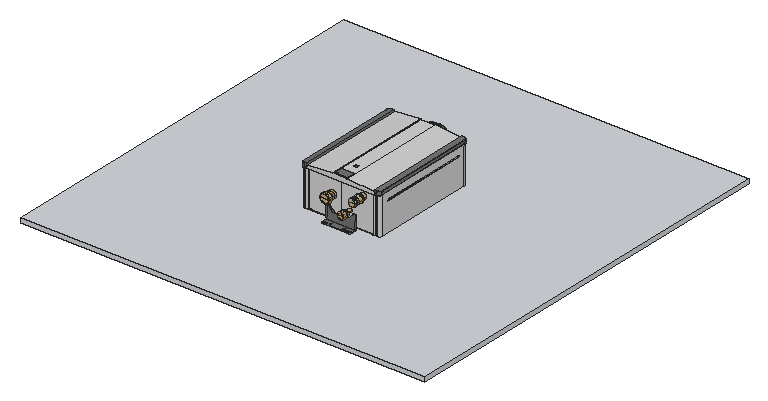
Revit family "Water_Heater-Rinnai-Ultra-Condensing-Tankless-RUCS65i", category Mechanical Equipment, host Face, Revit 2012 (continued)
Definition of nested family "Water Heater"
  Automatic sketch dimensions
    curve 75 to curve 76 = 1/16"
    Extrusion 1 sketch curve to plane 5 = 0"
    Extrusion 1 sketch curve to plane 6 = 0"
    plane 5 to Extrusion 1 sketch curve = 0.16126"
    plane 5 to Extrusion 1 sketch curve = 3/4"  (x2)
    Extrusion 1 sketch curve to plane 4 = 0.12422"
    Extrusion 1 sketch curve to Extrusion 1 sketch curve = 0.16126"  (x4)
    Extrusion 1 sketch curve to Extrusion 1 sketch curve = 0.58465"  (x2)
    plane 6 to Extrusion 1 sketch curve = 1.49591"
    Extrusion 1 sketch curve to plane 4 = 29/128"
    plane 6 to Extrusion 1 sketch curve = 0.91126"
    plane 6 to Extrusion 1 sketch curve = 0.16126"
    plane 5 to Extrusion 2 sketch curve = 1.27704"
    Extrusion 2 sketch curve to Extrusion 2 sketch curve = 7/256"  (x2)
    Extrusion 2 sketch curve to plane 3 "Center (Left/Right)" = 0.00497"
    plane 3 "Center (Left/Right)" to Extrusion 2 sketch curve = 0.00974"
    plane 6 to Extrusion 2 sketch curve = 1.30439"
    Sweep 3 sketch curve to plane 6 = 0"
    Sweep 3 sketch curve to plane 5 = 0"
    Sweep 3 sketch curve to plane 4 = 0.12422"
    plane 6 to Sweep 3 sketch curve = 3/4"  (x2)
    Sweep 3 sketch curve to Sweep 3 sketch curve = 0.74591"  (x2)
    plane 5 to Sweep 3 sketch curve = 1.49591"
    plane 5 to Sweep 3 sketch curve = 3/4"
    Sweep 3 sketch curve to profile plane = 0"  (x2)
    Sweep 3 sketch curve to Sweep 3 sketch curve = 0.0315"
    Extrusion 5 sketch curve to plane 4 = 0"
    Extrusion 5 sketch curve to Extrusion 5 sketch curve = 0.59345"
    Extrusion 5 sketch curve to Extrusion 5 sketch curve = 0.61479"
    plane 6 to Extrusion 5 sketch curve = 0.66792"
    Extrusion 6 sketch curve to plane 5 = 0.02756"
    plane 5 to Extrusion 6 sketch curve = 0.72244"  (x2)
    Extrusion 6 sketch curve to plane 4 = 1/128"  (x2)
    Extrusion 6 sketch curve to Extrusion 6 sketch curve = 0.435"
    plane 6 to Extrusion 6 sketch curve = 1.15744"
    plane 6 to Extrusion 6 sketch curve = 0.72244"  (x2)
    Extrusion 6 sketch curve to plane 6 = 0.02756"
    Extrusion 7 sketch curve to plane 5 = 0"
    plane 16 to Extrusion 7 sketch curve = 0.72706"
    plane 5 to Extrusion 8 sketch curve = 1.27704"
    Extrusion 8 sketch curve to Extrusion 8 sketch curve = 7/256"  (x2)
    Extrusion 8 sketch curve to plane 3 "Center (Left/Right)" = 0.00497"
    plane 3 "Center (Left/Right)" to Extrusion 8 sketch curve = 0.00974"
    plane 6 to Extrusion 8 sketch curve = 1.30439"
    plane 7 to Extrusion 9 sketch curve = 0.05435"
    Extrusion 9 sketch curve to plane 23 = 0.11207"
    plane 7 to Extrusion 9 sketch curve = 0.00161"  (x2)
    plane 23 to Extrusion 9 sketch curve = 0.08478"
    Extrusion 9 sketch curve to plane 7 = 0.15611"  (x2)
    Extrusion 9 sketch curve to Extrusion 9 sketch curve = 0.27318"
    Extrusion 9 sketch curve to Extrusion 9 sketch curve = 0.15748"  (x2)
    Extrusion 9 sketch curve to plane 12 = 0.43849"
    Extrusion 9 sketch curve to plane 21 = 0.06324"
    plane 21 to Extrusion 9 sketch curve = 0.13361"  (x2)
    Extrusion 9 sketch curve to plane 7 = 0.33935"
    Extrusion 9 sketch curve to Extrusion 9 sketch curve = 0.0422"
    plane 5 to Extrusion 10 sketch curve = 0.16126"
    Extrusion 10 sketch curve to Extrusion 10 sketch curve = 3/4"  (x2)
    Extrusion 10 sketch curve to Extrusion 10 sketch curve = 0.58465"
    plane 6 to Extrusion 10 sketch curve = 0.91126"  (x2)
    Extrusion 10 sketch curve to plane 4 = 29/128"
    plane 6 to Extrusion 10 sketch curve = 0.16126"
    plane 19 to Revolve 11 sketch curve = 0.25066"  (x2)
    Revolve 11 sketch curve to Revolve 11 sketch curve = 0.19632"
    Revolve 11 sketch curve to Revolve 11 sketch curve = 1.16267"
    Revolve 11 sketch curve to Revolve 11 sketch curve = 0.13556"
    plane 19 to Revolve 11 sketch curve = 0.03937"
    Revolve 11 sketch curve to plane 16 = 5.03831"
    Revolve 11 sketch curve to Revolve 11 sketch curve = 0.19606"
    plane 19 to Revolve 12 sketch curve = 0.25066"  (x2)
    Revolve 12 sketch curve to Revolve 12 sketch curve = 0.19632"
    Revolve 12 sketch curve to Revolve 12 sketch curve = 1.16267"
    Revolve 12 sketch curve to Revolve 12 sketch curve = 0.13556"
    plane 19 to Revolve 12 sketch curve = 0.03937"
    Revolve 12 sketch curve to plane 16 = 5.03831"
    Revolve 12 sketch curve to Revolve 12 sketch curve = 0.19606"
    Sweep 14 sketch curve to plane 3 "Center (Left/Right)" = 1/64"
    Sweep 14 sketch curve to plane 22 = 0.9765"
    Sweep 14 sketch curve to Sweep 14 sketch curve = 0"  (x4)
    Sweep 14 sketch curve to profile plane = 0"  (x2)
    profile plane to Sweep 14 sketch curve = 1.21666"
    profile plane to Sweep 14 sketch curve = 1.21033"
    Sweep 14 sketch curve to Sweep 14 sketch curve = 0.0386"
    Sweep 14 sketch curve to profile plane = 0.1979"
    Sweep 14 sketch curve to Sweep 14 sketch curve = 0.05055"
    Sweep 14 sketch curve to Sweep 14 sketch curve = 0.24211"
    Sweep 14 sketch curve to profile plane = 0.11491"
    Sweep 14 sketch curve to Sweep 14 sketch curve = 0.01705"
    Sweep 14 sketch curve to Sweep 14 sketch curve = 0.00185"
    Sweep 14 sketch curve to profile plane = 0.13491"
    Sweep 14 sketch curve to Sweep 14 sketch curve = 0.01471"
    Sweep 14 sketch curve to Sweep 14 sketch curve = 0.01869"
    Sweep 14 sketch curve to Sweep 14 sketch curve = 0.03188"
    Sweep 14 sketch curve to Sweep 14 sketch curve = 0.00379"
    Sweep 14 sketch curve to Sweep 14 sketch curve = 0.01985"
    Sweep 14 sketch curve to Sweep 14 sketch curve = 0.02907"
    Sweep 14 sketch curve to Sweep 14 sketch curve = 0.02"
    Sweep 14 sketch curve to Sweep 14 sketch curve = 0.11289"
    Sweep 14 sketch curve to Sweep 14 sketch curve = 0.02082"
    Sweep 14 sketch curve to Sweep 14 sketch curve = 0.0196"
    Sweep 14 sketch curve to Sweep 14 sketch curve = 0.17385"
    Sweep 14 sketch curve to Sweep 14 sketch curve = 0.03347"
    Sweep 14 sketch curve to Sweep 14 sketch curve = 0.16817"
    Sweep 14 sketch curve to profile plane = 0.03937"
    Sweep 14 sketch curve to Sweep 14 sketch curve = 0.03937"
    Sweep 14 sketch curve to Sweep 14 sketch curve = 0.07401"
    Sweep 14 sketch curve to Sweep 14 sketch curve = 0.19685"
    Sweep 14 sketch curve to Sweep 14 sketch curve = 0.0842"
    Sweep 14 sketch curve to Sweep 14 sketch curve = 0.00051"
    Sweep 14 sketch curve to Sweep 14 sketch curve = 0.02307"
    Sweep 14 sketch curve to Sweep 14 sketch curve = 0.14317"
    Sweep 14 sketch curve to Sweep 14 sketch curve = 1.09677"
    Sweep 14 sketch curve to Sweep 14 sketch curve = 0.08034"
    Sweep 14 sketch curve to Sweep 14 sketch curve = 0.12287"
    Sweep 14 sketch curve to Sweep 14 sketch curve = 0.03219"
    Extrusion 15 sketch curve to plane 3 "Center (Left/Right)" = 1/64"
    plane 19 to Extrusion 15 sketch curve = 1.02793"
    Revolve 16 sketch curve to plane 14 = 0.12393"
    Revolve 16 sketch curve to Revolve 16 sketch curve = 0.03504"
    plane 23 to Revolve 16 sketch curve = 0.13583"
    Revolve 16 sketch curve to Revolve 16 sketch curve = 0.1564"
    Revolve 16 sketch curve to plane 3 "Center (Left/Right)" = 0.00981"
    Revolve 16 sketch curve to plane 16 = 1.00882"
    Revolve 16 sketch curve to plane 16 = 0.68789"
    Revolve 16 sketch curve to Revolve 16 sketch curve = 0.037"
    Revolve 16 sketch curve to Revolve 16 sketch curve = 0.07874"
    plane 16 to Revolve 16 sketch curve = 0.72706"  (x2)
    plane 5 to Revolve 17 sketch curve = 1.26381"
    Revolve 17 sketch curve to Revolve 17 sketch curve = 0.08779"
    Revolve 17 sketch curve to Revolve 17 sketch curve = 1.97914"
    Revolve 17 sketch curve to Revolve 17 sketch curve = 0"  (x3)
    plane 4 to Revolve 17 sketch curve = 0.16817"
    Revolve 17 sketch curve to Revolve 17 sketch curve = 0.98144"
    Revolve 17 sketch curve to Revolve 17 sketch curve = 0.07874"
    plane 22 to Extrusion 18 sketch curve = 0.06809"
    plane 5 to Extrusion 18 sketch curve = 0.96853"
    Extrusion 18 sketch curve to plane 8 = 0.34525"
    Extrusion 18 sketch curve to Extrusion 18 sketch curve = 1 1/4"
    Extrusion 18 sketch curve to plane 10 = 0.28029"
    plane 14 to Extrusion 18 sketch curve = 1.91706"  (x2)
    Extrusion 18 sketch curve to plane 19 = 0.0894"
    plane 14 to Extrusion 19 sketch curve = 0.07257"
    plane 8 to Extrusion 19 sketch curve = 0.24136"
    plane 23 to Extrusion 19 sketch curve = 0.91142"  (x2)
    Extrusion 19 sketch curve to plane 20 = 0.10317"
    Extrusion 19 sketch curve to plane 12 = 0.02294"  (x2)
    Extrusion 19 sketch curve to plane 19 = 0.17601"
    plane 14 to Extrusion 20 sketch curve = 0.60587"
    Extrusion 20 sketch curve to Extrusion 20 sketch curve = 0.21663"
    Extrusion 20 sketch curve to Extrusion 20 sketch curve = 0.08337"
    Extrusion 20 sketch curve to Extrusion 20 sketch curve = 0.11714"  (x2)
    Extrusion 20 sketch curve to plane 14 = 0.10821"
    Extrusion 20 sketch curve to plane 23 = 0.24361"
    plane 23 to Extrusion 20 sketch curve = 0.53101"
    Extrusion 20 sketch curve to plane 12 = 0.3808"
    plane 21 to Extrusion 20 sketch curve = 0.23419"
    Extrusion 20 sketch curve to Extrusion 20 sketch curve = 0.41418"
    Extrusion 20 sketch curve to Extrusion 20 sketch curve = 0.26687"
    Extrusion 20 sketch curve to Extrusion 20 sketch curve = 0.02665"
    plane 11 to Extrusion 20 sketch curve = 0.8645"
    Extrusion 20 sketch curve to Extrusion 20 sketch curve = 0.06998"  (x2)
    Extrusion 20 sketch curve to Extrusion 20 sketch curve = 0.07943"  (x2)
    Extrusion 20 sketch curve to Extrusion 20 sketch curve = 0.07035"
    Extrusion 20 sketch curve to Extrusion 20 sketch curve = 0.10791"  (x2)
    Extrusion 21 sketch curve to plane 28 = 0"
    plane 29 to Extrusion 21 sketch curve = 0"
    plane 28 to Extrusion 21 sketch curve = 0.11313"
    plane 14 to Extrusion 21 sketch curve = 0.01908"
    Extrusion 21 sketch curve to plane 14 = 0.14711"
    Extrusion 21 sketch curve to Extrusion 21 sketch curve = 0"  (x2)
    Extrusion 21 sketch curve to plane 3 "Center (Left/Right)" = 0.01255"
    plane 27 to Extrusion 21 sketch curve = 0.15755"
    plane 21 to Extrusion 21 sketch curve = 0.61592"
    plane 27 to Extrusion 21 sketch curve = 0.06257"
    Extrusion 21 sketch curve to Extrusion 21 sketch curve = 0.16453"
    plane 29 to Extrusion 21 sketch curve = 0.10742"
    Extrusion 21 sketch curve to plane 24 = 0.05637"
    Extrusion 22 sketch curve to Extrusion 22 sketch curve = 0.11952"
    Extrusion 22 sketch curve to plane 25 = 0.01157"
    Extrusion 22 sketch curve to Extrusion 22 sketch curve = 0.12047"
    Extrusion 22 sketch curve to plane 13 = 0.39764"
    Extrusion 23 sketch curve to level = 0.02001"
    Extrusion 23 sketch curve to Extrusion 23 sketch curve = 0.12"
    Extrusion 23 sketch curve to Extrusion 23 sketch curve = 0.12047"
    plane 27 to Extrusion 23 sketch curve = 0.47562"
    Extrusion 24 sketch curve to plane 14 = 0.60587"
    Extrusion 24 sketch curve to Extrusion 24 sketch curve = 0.21663"
    Extrusion 24 sketch curve to Extrusion 24 sketch curve = 0.08337"
    Extrusion 24 sketch curve to Extrusion 24 sketch curve = 0.11714"  (x2)
    plane 14 to Extrusion 24 sketch curve = 0.10821"
    plane 23 to Extrusion 24 sketch curve = 0.24361"
    Extrusion 24 sketch curve to plane 23 = 0.53101"
    plane 12 to Extrusion 24 sketch curve = 0.3808"
    Extrusion 24 sketch curve to plane 21 = 0.23419"
    Extrusion 24 sketch curve to Extrusion 24 sketch curve = 0.41418"
    Extrusion 24 sketch curve to Extrusion 24 sketch curve = 0.26687"
    Extrusion 24 sketch curve to Extrusion 24 sketch curve = 0.02665"
    plane 4 to Extrusion 24 sketch curve = 0.12422"
    Extrusion 24 sketch curve to plane 11 = 0.8645"
    Extrusion 24 sketch curve to plane 4 = 0.76189"  (x2)
    Extrusion 24 sketch curve to plane 4 = 0.89402"  (x2)
    Extrusion 24 sketch curve to Extrusion 24 sketch curve = 0.06998"  (x2)
    Extrusion 24 sketch curve to Extrusion 24 sketch curve = 0.07943"  (x2)
    Extrusion 24 sketch curve to Extrusion 24 sketch curve = 0.07035"
    Extrusion 24 sketch curve to Extrusion 24 sketch curve = 0.10791"  (x2)
    Extrusion 25 sketch curve to plane 30 = 0"
    plane 31 to Extrusion 25 sketch curve = 0"
    plane 30 to Extrusion 25 sketch curve = 0.11313"
    plane 14 to Extrusion 25 sketch curve = 0.01908"
    Extrusion 25 sketch curve to plane 14 = 0.14711"
    Extrusion 25 sketch curve to Extrusion 25 sketch curve = 0"  (x2)
    Extrusion 25 sketch curve to plane 3 "Center (Left/Right)" = 0.01255"
    plane 27 to Extrusion 25 sketch curve = 0.15755"
    plane 21 to Extrusion 25 sketch curve = 0.61592"
    plane 27 to Extrusion 25 sketch curve = 0.06257"
    Extrusion 25 sketch curve to Extrusion 25 sketch curve = 0.16453"
    plane 31 to Extrusion 25 sketch curve = 0.10742"
    Extrusion 25 sketch curve to plane 24 = 0.05637"
    plane 13 to Extrusion 26 sketch curve = 0.39764"
    Extrusion 26 sketch curve to plane 4 = 0.2455"
    Extrusion 26 sketch curve to Extrusion 26 sketch curve = 0.11952"
    plane 25 to Extrusion 26 sketch curve = 0.01157"
    Extrusion 26 sketch curve to Extrusion 26 sketch curve = 0.12047"
    Extrusion 26 sketch curve to Extrusion 26 sketch curve = 0.15607"
    level to Extrusion 27 sketch curve = 0.02001"
    Extrusion 27 sketch curve to plane 4 = 0.2455"
    Extrusion 27 sketch curve to Extrusion 27 sketch curve = 0.12"
    Extrusion 27 sketch curve to Extrusion 27 sketch curve = 0.12047"
    plane 4 to Extrusion 27 sketch curve = 0.03009"
    Extrusion 27 sketch curve to plane 27 = 0.47562"
    Masking region 1 sketch curve to plane 4 = 0"  (x2)
    Masking region 1 sketch curve to plane 5 = 0.01381"
    plane 5 to Masking region 1 sketch curve = 0.72244"  (x2)
    Masking region 1 sketch curve to plane 4 = 1/128"
    Masking region 1 sketch curve to Masking region 1 sketch curve = 0.24092"
    Masking region 1 sketch curve to Masking region 1 sketch curve = 0.30044"
    plane 4 to Masking region 1 sketch curve = 0.16817"
    Masking region 1 sketch curve to Masking region 1 sketch curve = 0.38823"
    plane 14 to Masking region 1 sketch curve = 1.05024"
    Masking region 1 sketch curve to Masking region 1 sketch curve = 0.0879"
    Masking region 1 sketch curve to Masking region 1 sketch curve = 0.38318"
    plane 14 to Masking region 1 sketch curve = 0.07257"
    plane 14 to Masking region 1 sketch curve = 0.03453"
    Masking region 1 sketch curve to plane 14 = 0.00484"
    Masking region 1 sketch curve to plane 14 = 0.06748"
    Masking region 1 sketch curve to Masking region 1 sketch curve = 0.04668"  (x2)
    Masking region 1 sketch curve to plane 14 = 0.12393"
    Masking region 1 sketch curve to Masking region 1 sketch curve = 0.03504"  (x2)
    plane 23 to Masking region 1 sketch curve = 0.13583"
    Masking region 1 sketch curve to plane 21 = 0.13376"
    plane 21 to Masking region 1 sketch curve = 0.60911"
    plane 4 to Masking region 1 sketch curve = 0.25285"
    plane 21 to Masking region 1 sketch curve = 0.6422"
    Masking region 1 sketch curve to Masking region 1 sketch curve = 0.10737"
    Masking region 1 sketch curve to Masking region 1 sketch curve = 0.03937"  (x3)
    Masking region 1 sketch curve to Masking region 1 sketch curve = 0.15177"
    plane 6 to Masking region 1 sketch curve = 0.72244"
    plane 6 to Masking region 1 sketch curve = 0.67054"
    Masking region 1 sketch curve to plane 6 = 0.01381"
    Masking region 1 sketch curve to Masking region 1 sketch curve = 3/4"
    plane 4 to Masking region 1 sketch curve = 0.16929"
    plane 4 to Masking region 1 sketch curve = 0.22589"
    Masking region 1 sketch curve to Masking region 1 sketch curve = 0.02695"  (x2)
    Masking region 1 sketch curve to Masking region 1 sketch curve = 0.98144"
    Masking region 1 sketch curve to Masking region 1 sketch curve = 0.98031"
    Masking region 1 sketch curve to Masking region 1 sketch curve = 0.07874"  (x2)
    Masking region 1 sketch curve to plane 16 = 0.92411"  (x2)
    Masking region 1 sketch curve to Masking region 1 sketch curve = 0.19685"  (x2)
    Masking region 1 sketch curve to Masking region 1 sketch curve = 0.037"  (x2)
    Masking region 1 sketch curve to plane 16 = 0.57215"
    plane 16 to Masking region 1 sketch curve = 0.72706"
    Masking region 2 sketch curve to plane 5 = 0"
    plane 6 to Masking region 2 sketch curve = 0"
    Masking region 2 sketch curve to plane 24 = 0"
    plane 24 to Masking region 4 sketch curve = 0"
    plane 16 to Masking region 4 sketch curve = 0.72706"
    Masking region 5 sketch curve to plane 8 = 0"
    Masking region 5 sketch curve to level = 0.04124"
    Masking region 5 sketch curve to plane 4 = 0.12288"
    Masking region 5 sketch curve to plane 16 = 2.67"
    Masking region 5 sketch curve to plane 15 = 0.02389"
    Masking region 5 sketch curve to Masking region 5 sketch curve = 0.34877"
    Masking region 5 sketch curve to Masking region 5 sketch curve = 0.22589"
    Masking region 5 sketch curve to Masking region 5 sketch curve = 0.06793"
    plane 15 to Masking region 5 sketch curve = 0.08481"
    Masking region 5 sketch curve to plane 16 = 1.04598"
    Masking region 5 sketch curve to Masking region 5 sketch curve = 0.03716"
    plane 8 to Masking region 5 sketch curve = 0.04817"
    Masking region 5 sketch curve to plane 16 = 0.92411"
    Masking region 5 sketch curve to Masking region 5 sketch curve = 0.08471"
    Masking region 5 sketch curve to Masking region 5 sketch curve = 0.19685"  (x2)
    Masking region 5 sketch curve to plane 20 = 0.08334"
    Masking region 5 sketch curve to Masking region 5 sketch curve = 0.03937"  (x3)
    Masking region 5 sketch curve to Masking region 5 sketch curve = 0.037"  (x2)
    Masking region 5 sketch curve to Masking region 5 sketch curve = 0.07874"  (x2)
    plane 10 to Masking region 5 sketch curve = 0.14922"
    plane 16 to Masking region 5 sketch curve = 0.72706"
    Masking region 5 sketch curve to Masking region 5 sketch curve = 0.08089"
    plane 15 to Masking region 5 sketch curve = 0.0686"
    plane 15 to Masking region 5 sketch curve = 0.14131"
    Masking region 5 sketch curve to Masking region 5 sketch curve = 0.03504"  (x2)
    Masking region 5 sketch curve to plane 8 = 0.68345"
    plane 8 to Masking region 5 sketch curve = 0.05941"
    Masking region 5 sketch curve to Masking region 5 sketch curve = 0.03505"
    Masking region 5 sketch curve to Masking region 5 sketch curve = 0.08566"
    plane 8 to Masking region 5 sketch curve = 0.24136"
    Masking region 6 sketch curve to plane 5 = 0"
    Masking region 6 sketch curve to plane 6 = 0"
    plane 16 to Masking region 6 sketch curve = 0.72706"
    plane 23 to Extrusion 28 sketch curve = 0.63676"
    Extrusion 28 sketch curve to Extrusion 28 sketch curve = 0.06"  (x3)
    Extrusion 28 sketch curve to plane 12 = 0.38033"  (x2)
    Extrusion 28 sketch curve to Extrusion 28 sketch curve = 1.755"
    curve 67 to curve 69 = 0.33187"
    curve 73 to curve 75 = 0.07509"
    Extrusion 13 sketch curve to plane 5 = 0.23785"
    Extrusion 13 sketch curve to plane 5 = 0.03521"
    plane 5 to Extrusion 13 sketch curve = 0.03289"
    Extrusion 13 sketch curve to Extrusion 13 sketch curve = 0"  (x2)
    plane 5 to Extrusion 13 sketch curve = 0.04544"
    plane 8 to Extrusion 13 sketch curve = 0.19414"  (x2)
    plane 5 to Extrusion 13 sketch curve = 1.15744"
    plane 8 to Extrusion 13 sketch curve = 0.02539"  (x2)
    Extrusion 13 sketch curve to Extrusion 13 sketch curve = 0.17596"
    Extrusion 13 sketch curve to plane 3 "Center (Left/Right)" = 0.02677"
    plane 3 "Center (Left/Right)" to Extrusion 13 sketch curve = 0.01184"
    plane 6 to Extrusion 13 sketch curve = 1.35744"
    Extrusion 13 sketch curve to Extrusion 13 sketch curve = 0.2"
    plane 6 to Extrusion 13 sketch curve = 0.06604"
    plane 6 to Extrusion 13 sketch curve = 0.05362"
    Extrusion 13 sketch curve to plane 6 = 0.01381"
    Extrusion 13 sketch curve to plane 6 = 0.21381"
    plane 24 to Extrusion 13 sketch curve = 48.09837"
    Extrusion 13 sketch curve to Extrusion 13 sketch curve = 0.0012"
    Extrusion 1 sketch curve to Extrusion 1 sketch curve = 0.06299"  (x2)
    Extrusion 2 sketch curve to Extrusion 2 sketch curve = 0.01019"
    Extrusion 8 sketch curve to Extrusion 8 sketch curve = 0.01019"
    plane 1 "Center (Front/Back)" to curve 99 = 10.76797"
    curve 137 to curve 96 = 2.02615"
    curve 141 to curve 137 = 0.00051"
    curve 135 to curve 137 = 0.07826"
    plane 1 "Center (Front/Back)" to Extrusion 1 sketch curve = 12.00728"  (x2)
    plane 1 "Center (Front/Back)" to Extrusion 2 sketch curve = 12.75728"
    plane 1 "Center (Front/Back)" to Sweep 3 sketch curve = 12.07027"  (x2)
    Extrusion 5 sketch curve to Extrusion 5 sketch curve = 0.68312"
    plane 1 "Center (Front/Back)" to Extrusion 5 sketch curve = 12.46688"
    plane 1 "Center (Front/Back)" to Extrusion 6 sketch curve = 12.4"  (x2)
    plane 1 "Center (Front/Back)" to Extrusion 7 sketch curve = 14.56214"
    plane 1 "Center (Front/Back)" to Extrusion 8 sketch curve = 12.75728"
    plane 1 "Center (Front/Back)" to Extrusion 10 sketch curve = 12.00728"
    plane 1 "Center (Front/Back)" to Revolve 11 sketch curve = 9.47992"
    plane 1 "Center (Front/Back)" to Revolve 12 sketch curve = 9.47992"
    plane 1 "Center (Front/Back)" to Extrusion 20 sketch curve = 14.56214"
    Extrusion 20 sketch curve to Extrusion 20 sketch curve = 0.13195"
    Extrusion 20 sketch curve to Extrusion 20 sketch curve = 0.20211"  (x2)
    Extrusion 20 sketch curve to Extrusion 20 sketch curve = 1.14728"
    plane 1 "Center (Front/Back)" to Extrusion 22 sketch curve = 13.17362"
    Extrusion 22 sketch curve to Extrusion 22 sketch curve = 0.15607"
    plane 1 "Center (Front/Back)" to Extrusion 23 sketch curve = 13.17362"
    Extrusion 23 sketch curve to Extrusion 23 sketch curve = 0.15512"
    plane 1 "Center (Front/Back)" to Masking region 1 sketch curve = 12.4"  (x2)
    Masking region 1 sketch curve to Masking region 1 sketch curve = 0.14296"
    plane 1 "Center (Front/Back)" to Masking region 4 sketch curve = 14.56214"
    plane 1 "Center (Front/Back)" to Masking region 5 sketch curve = 12.81978"
    Masking region 5 sketch curve to Masking region 5 sketch curve = 0.73137"
    plane 1 "Center (Front/Back)" to Masking region 6 sketch curve = 14.56214"
    plane 1 "Center (Front/Back)" to Extrusion 28 sketch curve = 12.6188"
    Extrusion 9 sketch curve to Extrusion 9 sketch curve = 0.43951"
    plane 7 to Extrusion 13 sketch curve = 0.18429"  (x2)
    Masking region 2 sketch curve to plane 7 = 0.14124"
    Masking region 4 sketch curve to plane 7 = 0.14124"
    Masking region 5 sketch curve to plane 7 = 0.14124"
    curve 94 to curve 94 = 0.08577"
    Extrusion 4 sketch curve to plane 3 "Center (Left/Right)" = 0"
    Extrusion 4 sketch curve to plane 33 = 0"
    plane 23 to Extrusion 4 sketch curve = 0.65785"
    Extrusion 4 sketch curve to plane 33 = 0.56589"  (x2)
    Extrusion 4 sketch curve to plane 3 "Center (Left/Right)" = 8.09256"
    Extrusion 4 sketch curve to plane 5 = 9/32"
    Extrusion 4 sketch curve to plane 12 = 0.29613"
    plane 3 "Center (Left/Right)" to Extrusion 4 sketch curve = 8.09256"
    Extrusion 4 sketch curve to plane 6 = 9/32"
    plane 8 to Extrusion 4 sketch curve = 0.19414"  (x2)
    Masking region 3 sketch curve to plane 5 = 0"
    Masking region 3 sketch curve to plane 5 = 0.01381"
    plane 5 to Masking region 3 sketch curve = 0.05362"
    Masking region 3 sketch curve to Masking region 3 sketch curve = 0"  (x4)
    plane 5 to Masking region 3 sketch curve = 0.06604"
    plane 8 to Masking region 3 sketch curve = 0.19414"
    Masking region 3 sketch curve to Masking region 3 sketch curve = 0.46603"
    plane 8 to Masking region 3 sketch curve = 0.22539"  (x2)
    Masking region 3 sketch curve to Masking region 3 sketch curve = 0.05413"  (x2)
    Masking region 3 sketch curve to Masking region 3 sketch curve = 0.63728"
    Masking region 3 sketch curve to plane 25 = 0.01157"
    plane 14 to Masking region 3 sketch curve = 0.66706"
    Masking region 3 sketch curve to Masking region 3 sketch curve = 0.06299"
    plane 33 to Masking region 3 sketch curve = 0.02703"  (x2)
    plane 23 to Masking region 3 sketch curve = 0.28544"
    Masking region 3 sketch curve to plane 33 = 0.01487"  (x2)
    Masking region 3 sketch curve to Masking region 3 sketch curve = 0.07258"  (x2)
    plane 7 to Masking region 3 sketch curve = 0.11665"  (x2)
    Masking region 3 sketch curve to Masking region 3 sketch curve = 0.15748"
    plane 23 to Masking region 3 sketch curve = 0.65785"
    Masking region 3 sketch curve to plane 3 "Center (Left/Right)" = 0.01184"
    plane 3 "Center (Left/Right)" to Masking region 3 sketch curve = 0.01184"
    Masking region 3 sketch curve to plane 12 = 0.29613"
    Masking region 3 sketch curve to plane 12 = 0.43849"
    Masking region 3 sketch curve to plane 24 = 0.00215"
    plane 11 to Masking region 3 sketch curve = 0.86256"
    Masking region 3 sketch curve to plane 25 = 0.01186"
    Masking region 3 sketch curve to Masking region 3 sketch curve = 0.06133"
    Masking region 3 sketch curve to plane 33 = 0.14924"
    plane 6 to Masking region 3 sketch curve = 1.15744"
    plane 6 to Masking region 3 sketch curve = 0.52016"
    plane 6 to Masking region 3 sketch curve = 0.06604"
    plane 6 to Masking region 3 sketch curve = 0.05362"
    Masking region 3 sketch curve to plane 6 = 0.00046"
    Masking region 3 sketch curve to Masking region 3 sketch curve = 0.07985"
    Masking region 3 sketch curve to Masking region 3 sketch curve = 21.46811"
    Masking region 3 sketch curve to level = 0.04046"
    Masking region 3 sketch curve to level = 0.04045"
    Masking region 3 sketch curve to Masking region 3 sketch curve = 1/32"
    curve 1 to plane 32 = 0"
    curve 13 to plane 4 = 0"
    curve 3 to plane 32 = 0"
    curve 4 to plane 32 = 0"
    curve 57 to plane 4 = 0"
    curve 58 to plane 4 = 0"
    curve 2 to plane 32 = 0"
    curve 1 to plane 4 = 1/128"
    plane 5 to curve 1 = 0.91417"
    plane 4 to curve 6 = 0.16817"
    curve 1 to curve 6 = 0.43742"
    curve 5 to curve 6 = 0"  (x2)
    plane 14 to curve 6 = 1.05012"
    curve 6 to curve 47 = 0.38306"
    curve 13 to curve 48 = 0"
    curve 13 to curve 46 = 0.06119"
    plane 32 to curve 24 = 0.01515"
    plane 14 to curve 24 = 0.60587"
    curve 46 to curve 51 = 0.21663"
    curve 24 to curve 27 = 0.21663"
    plane 14 to curve 45 = 0.30587"
    plane 14 to curve 22 = 0.30587"
    curve 26 to curve 26 = 0.11714"
    curve 52 to curve 51 = 0.11714"
    plane 4 to curve 49 = 0.0329"
    plane 14 to curve 49 = 0.07052"
    plane 14 to curve 10 = 0.03453"
    curve 12 to plane 14 = 0.07083"
    curve 31 to plane 14 = 0.10821"
    curve 54 to plane 14 = 0.10821"
    curve 11 to plane 14 = 0.11"
    curve 44 to plane 14 = 0.1136"
    curve 9 to plane 14 = 0.15897"
    curve 8 to curve 9 = 0"
    curve 33 to plane 23 = 0.24361"
    curve 3 to plane 23 = 0.11207"
    plane 23 to curve 7 = 0.13583"
    plane 23 to curve 34 = 0.53101"
    plane 23 to curve 17 = 0.63676"
    curve 17 to curve 18 = 0.06"
    curve 15 to curve 15 = 0.06"
    curve 21 to plane 12 = 0.38033"
    curve 19 to plane 12 = 0.38033"
    curve 35 to plane 12 = 0.3808"
    curve 21 to curve 20 = 0.06"
    curve 7 to plane 21 = 0.13386"
    plane 21 to curve 4 = 0.13361"
    plane 21 to curve 36 = 0.23419"
    plane 21 to curve 8 = 0.60901"
    curve 9 to curve 8 = 0"
    curve 9 to curve 11 = 0.03166"
    curve 55 to curve 11 = 0"
    curve 36 to curve 39 = 0.41418"
    curve 55 to curve 65 = 0.00771"
    plane 4 to curve 12 = 0.22589"
    curve 4 to curve 12 = 0.55216"
    curve 9 to curve 10 = 0.18188"
    curve 12 to curve 13 = 0.15478"
    curve 59 to curve 13 = 0"
    curve 65 to curve 62 = 0.26687"
    curve 36 to curve 40 = 0.26687"
    curve 61 to curve 61 = 0.11714"
    curve 41 to curve 41 = 0.11714"
    curve 61 to curve 55 = 0.02665"
    curve 40 to curve 22 = 0.02665"
    plane 4 to curve 60 = 0.2455"
    curve 59 to curve 60 = 0.52256"
    plane 32 to curve 25 = 0.00202"
    plane 11 to curve 25 = 0.8645"
    curve 60 to curve 58 = 0.06406"
    plane 6 to curve 2 = 0.91417"
    curve 34 to plane 32 = 0.82618"
    curve 35 to plane 32 = 0.82618"
    curve 29 to plane 32 = 0.9583"
    curve 42 to plane 32 = 0.9583"
    curve 33 to curve 26 = 0.06998"
    curve 39 to curve 41 = 0.06998"
    curve 40 to curve 41 = 0.07943"
    curve 28 to curve 26 = 0.07943"
    curve 66 to curve 40 = 0.07035"
    curve 31 to curve 31 = 0.10791"
    curve 39 to curve 39 = 0.10791"
    plane 32 to curve 18 = 0.5312"
    curve 16 to curve 16 = 1.755"
    curve 2 to plane 4 = 1/128"
    curve 13 to curve 59 = 0.0329"
    curve 49 to curve 48 = 0.13639"
    curve 48 to curve 48 = 0.07621"
    curve 47 to curve 52 = 0.64852"
    curve 12 to curve 62 = 0.66812"
    curve 62 to curve 65 = 0.06998"
    curve 51 to curve 54 = 0.06998"
    curve 63 to curve 64 = 0.07943"
    curve 51 to curve 50 = 0.07943"
    curve 61 to curve 57 = 0.07035"
    curve 50 to curve 45 = 0.07441"
    curve 65 to curve 65 = 0.10791"
    curve 54 to curve 54 = 0.10791"
    curve 6 to curve 5 = 0.98144"
    curve 55 to curve 11 = 0.39803"
    curve 11 to curve 10 = 0.19685"
    curve 10 to curve 9 = 0.03937"
    curve 9 to curve 8 = 0.037"
    curve 7 to plane 16 = 0.57215"
    curve 147 to curve 99 = 2.75755"
    curve 153 to curve 152 = 0.03527"
    curve 154 to curve 158 = 0.04"
    plane 3 "Center (Left/Right)" to curve 155 = 0.3791"
    curve 155 to curve 155 = 0.04"
    curve 159 to curve 159 = 0.04"
    curve 159 to curve 155 = 0.45418"
    Extrusion 29 sketch curve to plane 3 "Center (Left/Right)" = 0.48633"
    Extrusion 29 sketch curve to Extrusion 29 sketch curve = 0.03527"
    Extrusion 29 sketch curve to Extrusion 29 sketch curve = 0.04"  (x2)
    plane 3 "Center (Left/Right)" to Extrusion 29 sketch curve = 0.3791"  (x2)
    Extrusion 29 sketch curve to Extrusion 29 sketch curve = 0.45418"
    plane 32 to Extrusion 29 sketch curve = 4.5538"
    curve 153 to curve 155 = 0.86544"
    curve 15 to curve 157 = 2.1476"
    radius of Sweep 14 sketch curve = 2.53"
    radius of Extrusion 15 sketch curve = 2.76047"
    radius of Extrusion 20 sketch curve = 1/4"  (x2)
    radius of Extrusion 24 sketch curve = 1/4"  (x2)
    radius of curve 34 = 1/4"
    radius of curve 35 = 1/4"
Definition of nested family "Pipes"
  Parameters (values of type "Pipes")
    Pipe Material = Metal - Rinnai - Aluminum Frame - Brass - Stain
  Reference planes (in)
    plane 1 "Center (Front/Back)": y = 0
    plane 2: z = 0
    plane 3 "Center (Left/Right)": x = 0
    plane 4: y = 1.33858
    plane 5: z = 0.505
  Forms (in)
    Revolve 1, solid, material "Metal - Rinnai - Aluminum Frame - Brass - Stain" <- "Pipe Material", detail levels fine
      sketch origin (0, 0, 5.73209) x (1, 0, 0) y (0, 1, 0)
        loop
          line (-3.57004, -0.9459) -> (-2.57004, -0.9459) -> (-2.57004, 1.33858) -> (-3.44946, 1.33858) -> (-3.41727, 0.72441) -> (-3.47911, 0.72441) -> (-3.47911, 0.07292)
          arc (-3.47911, 0.07292) -> (-3.48697, 0.05393) -> (-3.50597, 0.04606) r 0.02686
          line (-3.50597, 0.04606) -> (-3.54269, 0.04606)
          arc (-3.54269, 0.04606) -> (-3.58891, 0.03368) -> (-3.62274, -0.00015) r 0.09243
          line (-3.62274, -0.00015) -> (-3.68471, -0.10749)
          arc (-3.68471, -0.10749) -> (-3.70531, -0.15723) -> (-3.71234, -0.21061) r 0.20624
          line (-3.71234, -0.21061) -> (-3.71234, -0.86374) -> (-3.57004, -0.9459)
        axis (-2.57004, 1.33858) -> (-2.57004, -0.9459)
      angle from 0 to 360
    Revolve 2, solid, material "Metal - Rinnai - Aluminum Frame - Brass - Stain" <- "Pipe Material", detail levels fine
      sketch origin (0, 0, 3.75493) x (1, 0, 0) y (0, 1, 0)
        loop
          arc (1.27156, 0.03516) -> (1.26126, 0.0103) -> (1.2364, 0) r 0.03516
          line (1.2364, 0) -> (0.95449, 0)
          arc (0.95449, 0) -> (0.92311, -0.013) -> (0.91011, -0.04439) r 0.04439
          line (0.91011, -0.04439) -> (0.91011, -0.53932)
          arc (0.91011, -0.53932) -> (0.90677, -0.56981) -> (0.89691, -0.59886) r 0.14089
          line (0.89691, -0.59886) -> (0.84056, -0.7197)
          arc (0.84056, -0.7197) -> (0.83312, -0.74161) -> (0.8306, -0.76462) r 0.10629
          line (0.8306, -0.76462) -> (0.8306, -1.44122) -> (0.9619, -1.52012) -> (1.64829, -1.52012) -> (1.64829, 1.33858) -> (1.27156, 1.33858) -> (1.27156, 0.03516)
        axis (1.64829, 1.33858) -> (1.64829, -1.52012)
      angle from 0 to 360
    Revolve 3, solid, material "Metal - Rinnai - Aluminum Frame - Brass - Stain" <- "Pipe Material", detail levels fine
      sketch origin (0.0625, 0, 7.82256) x (1, 0, 0) y (0, 1, 0)
        loop
          line (4.63913, 1.33858) -> (3.89727, 1.33858) -> (3.89727, 0.57916)
          arc (3.89727, 0.57916) -> (3.90169, 0.55689) -> (3.91431, 0.53801) r 0.05818
          line (3.91431, 0.53801) -> (3.97376, 0.47857)
          arc (3.97376, 0.47857) -> (3.97799, 0.4573) -> (3.95995, 0.44525) r 0.01952
          line (3.95995, 0.44525) -> (3.75631, 0.44525)
          arc (3.75631, 0.44525) -> (3.73498, 0.43641) -> (3.72615, 0.41509) r 0.03016
          line (3.72615, 0.41509) -> (3.72615, 0.22228)
          arc (3.72615, 0.22228) -> (3.73313, 0.20014) -> (3.75155, 0.186) r 0.03861
          line (3.75155, 0.186) -> (3.79036, 0.17188)
          arc (3.79036, 0.17188) -> (3.80249, 0.16257) -> (3.80708, 0.148) r 0.02541
          line (3.80708, 0.148) -> (3.80708, -0.96244)
          arc (3.80708, -0.96244) -> (3.76912, -0.97853) -> (3.75344, -1.01667) r 0.05423
          line (3.75344, -1.01667) -> (3.75344, -1.4647)
          arc (3.75344, -1.4647) -> (3.75919, -1.4936) -> (3.77555, -1.51809) r 0.07551
          line (3.77555, -1.51809) -> (3.82296, -1.5655)
          arc (3.82296, -1.5655) -> (3.83493, -1.58341) -> (3.83913, -1.60454) r 0.05521
          line (3.83913, -1.60454) -> (3.83913, -1.9303) -> (4.63913, -1.9303) -> (4.63913, 1.33858)
        axis (4.63913, 1.33858) -> (4.63913, -1.9303)
      angle from 0 to 360
    Revolve 4, solid, material "Metal - Rinnai - Aluminum Frame - Brass - Stain" <- "Pipe Material", detail levels coarse+medium
      sketch origin (5.61347, -180, 7.82256) x (-1, 0, 0) y (0, -1, 0)
        loop
          line (0.91184, -181.33858) -> (1.79851, -181.33858) -> (1.79851, -178.0697) -> (0.91184, -178.0697) -> (0.91184, -181.33858)
        axis (0.91184, -181.33858) -> (0.91184, -178.0697)
      angle from 0 to 360
    Revolve 5, solid, material "Metal - Rinnai - Aluminum Frame - Brass - Stain" <- "Pipe Material", detail levels coarse+medium
      sketch origin (2.46598, -180, 3.75493) x (-1, 0, 0) y (0, -1, 0)
        loop
          line (0.81769, -181.33858) -> (1.63546, -181.33858) -> (1.63546, -178.47988) -> (0.81769, -178.47988) -> (0.81769, -181.33858)
        axis (0.81769, -181.33858) -> (0.81769, -178.47988)
      angle from 0 to 360
    Revolve 6, solid, material "Metal - Rinnai - Aluminum Frame - Brass - Stain" <- "Pipe Material", detail levels coarse+medium
      sketch origin (-1.42757, -180, 5.73209) x (0, -1, 0) y (1, 0, 0)
        loop
          line (-181.33858, -1.14247) -> (-181.33858, -2.28413) -> (-179.0541, -2.28413) -> (-179.0541, -1.14247) -> (-181.33858, -1.14247)
        axis (-181.33858, -1.14247) -> (-179.0541, -1.14247)
      angle from 0 to 360
  Lines and regions (in)
    Masking region 1, detail levels fine
      outline origin (0, 0, 0) x (1, 0, 0) y (0, 1, 0)
        loop
          line (-3.44872, 1.33858) -> (-3.41642, 0.72441) -> (-3.47838, 0.72441) -> (-3.47838, 0.07553)
          arc (-3.47838, 0.07553) -> (-3.48658, 0.05573) -> (-3.50638, 0.04753) r 0.02801
          line (-3.50638, 0.04753) -> (-3.54097, 0.04753)
          arc (-3.54097, 0.04753) -> (-3.58711, 0.03473) -> (-3.62007, 0) r 0.08959
          line (-3.62007, 0) -> (-3.68736, -0.11199)
          arc (-3.68736, -0.11199) -> (-3.71057, -0.17247) -> (-3.7117, -0.23725) r 0.18655
          line (-3.7117, -0.23725) -> (-3.7117, -0.83778)
          arc (-3.7117, -0.83778) -> (-3.70314, -0.86494) -> (-3.68055, -0.88228) r 0.04735
          line (-3.68055, -0.88228) -> (-3.59276, -0.93296)
          arc (-3.59276, -0.93296) -> (-3.56768, -0.9431) -> (-3.54077, -0.94593) r 0.0972
          line (-3.54077, -0.94593) -> (-1.5993, -0.94593)
          arc (-1.5993, -0.94593) -> (-1.57239, -0.9431) -> (-1.54731, -0.93296) r 0.0972
          line (-1.54731, -0.93296) -> (-1.45952, -0.88228)
          arc (-1.45952, -0.88228) -> (-1.43693, -0.86494) -> (-1.42837, -0.83778) r 0.04735
          line (-1.42837, -0.83778) -> (-1.42837, -0.23725)
          arc (-1.42837, -0.23725) -> (-1.4295, -0.17247) -> (-1.45272, -0.11199) r 0.18655
          line (-1.45272, -0.11199) -> (-1.52, 0)
          arc (-1.52, 0) -> (-1.55296, 0.03473) -> (-1.59911, 0.04753) r 0.08959
          line (-1.59911, 0.04753) -> (-1.63369, 0.04753)
          arc (-1.63369, 0.04753) -> (-1.65349, 0.05573) -> (-1.66169, 0.07553) r 0.02801
          line (-1.66169, 0.07553) -> (-1.66169, 0.72441) -> (-1.72353, 0.72441) -> (-1.69134, 1.33858) -> (-3.44872, 1.33858)
    Masking region 2, detail levels fine
      outline origin (0, 0, 0) x (1, 0, 0) y (0, 1, 0)
        loop
          line (1.27156, 1.33858) -> (1.27156, 0.03455)
          arc (1.27156, 0.03455) -> (1.26143, 0.01012) -> (1.237, 0) r 0.03455
          line (1.237, 0) -> (0.95155, 0)
          arc (0.95155, 0) -> (0.92268, -0.01196) -> (0.91072, -0.04083) r 0.04083
          line (0.91072, -0.04083) -> (0.91072, -0.54083)
          arc (0.91072, -0.54083) -> (0.90553, -0.57771) -> (0.89039, -0.61173) r 0.13378
          line (0.89039, -0.61173) -> (0.83877, -0.72242)
          arc (0.83877, -0.72242) -> (0.83098, -0.74791) -> (0.83051, -0.77456) r 0.09576
          line (0.83051, -0.77456) -> (0.83051, -1.41497)
          arc (0.83051, -1.41497) -> (0.83568, -1.43648) -> (0.85004, -1.4533) r 0.04738
          line (0.85004, -1.4533) -> (0.9389, -1.50668)
          arc (0.9389, -1.50668) -> (0.9682, -1.51852) -> (0.99973, -1.52073) r 0.10101
          line (0.99973, -1.52073) -> (2.31445, -1.52073)
          arc (2.31445, -1.52073) -> (2.33686, -1.51617) -> (2.35768, -1.50668) r 0.10101
          line (2.35768, -1.50668) -> (2.44653, -1.4533)
          arc (2.44653, -1.4533) -> (2.4609, -1.43648) -> (2.46606, -1.41497) r 0.04738
          line (2.46606, -1.41497) -> (2.46606, -0.77456)
          arc (2.46606, -0.77456) -> (2.46559, -0.74791) -> (2.4578, -0.72242) r 0.09576
          line (2.4578, -0.72242) -> (2.40619, -0.61173)
          arc (2.40619, -0.61173) -> (2.39104, -0.57771) -> (2.38586, -0.54083) r 0.13378
          line (2.38586, -0.54083) -> (2.38586, -0.04083)
          arc (2.38586, -0.04083) -> (2.3739, -0.01196) -> (2.34502, 0) r 0.04083
          line (2.34502, 0) -> (2.05957, 0)
          arc (2.05957, 0) -> (2.03514, 0.01012) -> (2.02502, 0.03455) r 0.03455
          line (2.02502, 0.03455) -> (2.02502, 1.33858) -> (1.27156, 1.33858)
        loop
          line (3.95999, 1.33858) -> (3.95999, 0.58685)
          arc (3.95999, 0.58685) -> (3.9644, 0.5605) -> (3.97714, 0.53702) r 0.08093
          line (3.97714, 0.53702) -> (4.0312, 0.48296)
          arc (4.0312, 0.48296) -> (4.03771, 0.46232) -> (4.02453, 0.44515) r 0.02344
          line (4.02453, 0.44515) -> (3.82192, 0.44515)
          arc (3.82192, 0.44515) -> (3.7987, 0.43553) -> (3.78908, 0.41231) r 0.03284
          line (3.78908, 0.41231) -> (3.78908, 0.22442)
          arc (3.78908, 0.22442) -> (3.79662, 0.20051) -> (3.81651, 0.18525) r 0.04169
          line (3.81651, 0.18525) -> (3.8488, 0.1735)
          arc (3.8488, 0.1735) -> (3.86491, 0.16067) -> (3.87007, 0.14073) r 0.03245
          line (3.87007, 0.14073) -> (3.87007, -0.96244)
          arc (3.87007, -0.96244) -> (3.83111, -0.97858) -> (3.81497, -1.01754) r 0.05511
          line (3.81497, -1.01754) -> (3.81497, -1.4511)
          arc (3.81497, -1.4511) -> (3.82375, -1.49426) -> (3.84869, -1.53056) r 0.11046
          line (3.84869, -1.53056) -> (3.8803, -1.56108)
          arc (3.8803, -1.56108) -> (3.89615, -1.5833) -> (3.90298, -1.60972) r 0.07488
          line (3.90298, -1.60972) -> (3.90298, -1.8167)
          arc (3.90298, -1.8167) -> (3.9361, -1.89666) -> (4.01606, -1.92978) r 0.11308
          line (4.01606, -1.92978) -> (5.3872, -1.92978)
          arc (5.3872, -1.92978) -> (5.46716, -1.89666) -> (5.50028, -1.8167) r 0.11308
          line (5.50028, -1.8167) -> (5.50028, -1.60972)
          arc (5.50028, -1.60972) -> (5.50711, -1.5833) -> (5.52296, -1.56108) r 0.07488
          line (5.52296, -1.56108) -> (5.55457, -1.53056)
          arc (5.55457, -1.53056) -> (5.57952, -1.49426) -> (5.5883, -1.4511) r 0.11046
          line (5.5883, -1.4511) -> (5.5883, -1.01754)
          arc (5.5883, -1.01754) -> (5.57216, -0.97858) -> (5.53319, -0.96244) r 0.05511
          line (5.53319, -0.96244) -> (5.53319, 0.14073)
          arc (5.53319, 0.14073) -> (5.53835, 0.16067) -> (5.55447, 0.1735) r 0.03245
          line (5.55447, 0.1735) -> (5.58675, 0.18525)
          arc (5.58675, 0.18525) -> (5.60664, 0.20051) -> (5.61418, 0.22442) r 0.04169
          line (5.61418, 0.22442) -> (5.61418, 0.41231)
          arc (5.61418, 0.41231) -> (5.60457, 0.43553) -> (5.58135, 0.44515) r 0.03284
          line (5.58135, 0.44515) -> (5.37873, 0.44515)
          arc (5.37873, 0.44515) -> (5.36555, 0.46232) -> (5.37206, 0.48296) r 0.02344
          line (5.37206, 0.48296) -> (5.42612, 0.53702)
          arc (5.42612, 0.53702) -> (5.43887, 0.5605) -> (5.44328, 0.58685) r 0.08093
          line (5.44328, 0.58685) -> (5.44328, 1.33858) -> (3.95999, 1.33858)
    Masking region 3
      outline origin (0, 0, 0) x (1, 0, 0) y (0, 0, 1)
        loop
          circle (-2.57004, 5.73209) r 1.14247
        loop
          circle (1.64829, 3.75493) r 0.81672
        loop
          circle (4.70163, 7.82256) r 0.91184
    Masking region 4, detail levels fine
      outline origin (0, 0, 0) x (0, 1, 0) y (0, 0, 1)
        loop
          line (1.33858, 8.56215) -> (0.5885, 8.56215)
          arc (0.5885, 8.56215) -> (0.56128, 8.5576) -> (0.53702, 8.54443) r 0.08363
          line (0.53702, 8.54443) -> (0.47667, 8.48408)
          arc (0.47667, 8.48408) -> (0.45643, 8.48015) -> (0.4452, 8.49744) r 0.01843
          line (0.4452, 8.49744) -> (0.4452, 8.70036)
          arc (0.4452, 8.70036) -> (0.4355, 8.7238) -> (0.41206, 8.7335) r 0.03314
          line (0.41206, 8.7335) -> (0.22734, 8.7335)
          arc (0.22734, 8.7335) -> (0.20238, 8.72611) -> (0.18548, 8.70632) r 0.04582
          line (0.18548, 8.70632) -> (0.172, 8.66927)
          arc (0.172, 8.66927) -> (0.16129, 8.65606) -> (0.14472, 8.65223) r 0.02612
          line (0.14472, 8.65223) -> (-0.96244, 8.65223)
          arc (-0.96244, 8.65223) -> (-0.97679, 8.68735) -> (-1.01022, 8.7053) r 0.05608
          line (-1.01022, 8.7053) -> (-1.45928, 8.7053)
          arc (-1.45928, 8.7053) -> (-1.49286, 8.69877) -> (-1.52155, 8.68014) r 0.08965
          line (-1.52155, 8.68014) -> (-1.56391, 8.63778)
          arc (-1.56391, 8.63778) -> (-1.58636, 8.62293) -> (-1.61309, 8.61988) r 0.05768
          line (-1.61309, 8.61988) -> (-1.82151, 8.61988)
          arc (-1.82151, 8.61988) -> (-1.89859, 8.58795) -> (-1.93052, 8.51086) r 0.10902
          line (-1.93052, 8.51086) -> (-1.93052, 7.12982)
          arc (-1.93052, 7.12982) -> (-1.89859, 7.05273) -> (-1.82151, 7.0208) r 0.10902
          line (-1.82151, 7.0208) -> (-1.61309, 7.0208)
          arc (-1.61309, 7.0208) -> (-1.58636, 7.01775) -> (-1.56391, 7.0029) r 0.05768
          line (-1.56391, 7.0029) -> (-1.52155, 6.96055)
          arc (-1.52155, 6.96055) -> (-1.49286, 6.94191) -> (-1.45928, 6.93539) r 0.08965
          line (-1.45928, 6.93539) -> (-1.01022, 6.93539)
          arc (-1.01022, 6.93539) -> (-0.97679, 6.95333) -> (-0.96244, 6.98845) r 0.05608
          line (-0.96244, 6.98845) -> (0.14472, 6.98845)
          arc (0.14472, 6.98845) -> (0.16129, 6.98463) -> (0.172, 6.97141) r 0.02612
          line (0.172, 6.97141) -> (0.18548, 6.93437)
          arc (0.18548, 6.93437) -> (0.20238, 6.91457) -> (0.22734, 6.90718) r 0.04582
          line (0.22734, 6.90718) -> (0.41206, 6.90718)
          arc (0.41206, 6.90718) -> (0.4355, 6.91689) -> (0.4452, 6.94032) r 0.03314
          line (0.4452, 6.94032) -> (0.4452, 7.14325)
          arc (0.4452, 7.14325) -> (0.45643, 7.16054) -> (0.47667, 7.1566) r 0.01843
          line (0.47667, 7.1566) -> (0.53702, 7.09626)
          arc (0.53702, 7.09626) -> (0.56128, 7.08309) -> (0.5885, 7.07853) r 0.08363
          line (0.5885, 7.07853) -> (1.33858, 7.07853) -> (1.33858, 8.56215)
        loop
          line (1.33858, 6.61045) -> (0.72441, 6.57826) -> (0.72441, 6.6401) -> (0.07449, 6.6401)
          arc (0.07449, 6.6401) -> (0.05529, 6.64747) -> (0.04595, 6.6658) r 0.0287
          line (0.04595, 6.6658) -> (0.04595, 6.70687)
          arc (0.04595, 6.70687) -> (0.03358, 6.75148) -> (0, 6.78334) r 0.08662
          line (0, 6.78334) -> (-0.1092, 6.84639)
          arc (-0.1092, 6.84639) -> (-0.17174, 6.8704) -> (-0.23865, 6.87391) r 0.21413
          line (-0.23865, 6.87391) -> (-0.8349, 6.87391)
          arc (-0.8349, 6.87391) -> (-0.85917, 6.86971) -> (-0.87622, 6.85194) r 0.03947
          line (-0.87622, 6.85194) -> (-0.93421, 6.75149)
          arc (-0.93421, 6.75149) -> (-0.94517, 6.72219) -> (-0.94599, 6.69092) r 0.09477
          line (-0.94599, 6.69092) -> (-0.94599, 4.77186)
          arc (-0.94599, 4.77186) -> (-0.94517, 4.74059) -> (-0.93421, 4.71129) r 0.09477
          line (-0.93421, 4.71129) -> (-0.87622, 4.61084)
          arc (-0.87622, 4.61084) -> (-0.85917, 4.59307) -> (-0.8349, 4.58887) r 0.03947
          line (-0.8349, 4.58887) -> (-0.23865, 4.58887)
          arc (-0.23865, 4.58887) -> (-0.17174, 4.59238) -> (-0.1092, 4.61639) r 0.21413
          line (-0.1092, 4.61639) -> (0, 4.67943)
          arc (0, 4.67943) -> (0.03358, 4.7113) -> (0.04595, 4.75591) r 0.08662
          line (0.04595, 4.75591) -> (0.04595, 4.79698)
          arc (0.04595, 4.79698) -> (0.05529, 4.81531) -> (0.07449, 4.82268) r 0.0287
          line (0.07449, 4.82268) -> (0.72441, 4.82268) -> (0.72441, 4.88451) -> (1.33858, 4.85233) -> (1.33858, 6.61045)
        loop
          line (1.33858, 4.13166) -> (0.03557, 4.13166)
          arc (0.03557, 4.13166) -> (0.01125, 4.14124) -> (0, 4.16483) r 0.03566
          line (0, 4.16483) -> (0, 4.44788)
          arc (0, 4.44788) -> (-0.01356, 4.48062) -> (-0.04629, 4.49417) r 0.04629
          line (-0.04629, 4.49417) -> (-0.53632, 4.49417)
          arc (-0.53632, 4.49417) -> (-0.57369, 4.49843) -> (-0.60915, 4.51099) r 0.16613
          line (-0.60915, 4.51099) -> (-0.70755, 4.55687)
          arc (-0.70755, 4.55687) -> (-0.74067, 4.56828) -> (-0.77545, 4.57255) r 0.1676
          line (-0.77545, 4.57255) -> (-1.41565, 4.57255)
          arc (-1.41565, 4.57255) -> (-1.43704, 4.56722) -> (-1.45342, 4.55246) r 0.04557
          line (-1.45342, 4.55246) -> (-1.50681, 4.46361)
          arc (-1.50681, 4.46361) -> (-1.51725, 4.4384) -> (-1.51987, 4.41124) r 0.09231
          line (-1.51987, 4.41124) -> (-1.51987, 3.09862)
          arc (-1.51987, 3.09862) -> (-1.51725, 3.07146) -> (-1.50681, 3.04625) r 0.09231
          line (-1.50681, 3.04625) -> (-1.45342, 2.9574)
          arc (-1.45342, 2.9574) -> (-1.43704, 2.94264) -> (-1.41565, 2.93731) r 0.04557
          line (-1.41565, 2.93731) -> (-0.77545, 2.93731)
          arc (-0.77545, 2.93731) -> (-0.74067, 2.94158) -> (-0.70755, 2.95299) r 0.1676
          line (-0.70755, 2.95299) -> (-0.60915, 2.99887)
          arc (-0.60915, 2.99887) -> (-0.57369, 3.01143) -> (-0.53632, 3.01568) r 0.16613
          line (-0.53632, 3.01568) -> (-0.04629, 3.01568)
          arc (-0.04629, 3.01568) -> (-0.01356, 3.02924) -> (0, 3.06198) r 0.04629
          line (0, 3.06198) -> (0, 3.34503)
          arc (0, 3.34503) -> (0.01125, 3.36862) -> (0.03557, 3.3782) r 0.03566
          line (0.03557, 3.3782) -> (1.33858, 3.3782) -> (1.33858, 4.13166)
    Masking region 5, detail levels coarse+medium
      outline origin (0, 0, 0) x (1, 0, 0) y (0, 1, 0)
        loop
          line (-3.7117, 1.33858) -> (-3.7117, -0.9459) -> (-1.42837, -0.9459) -> (-1.42837, 1.33858) -> (-3.7117, 1.33858)
        loop
          line (0.83051, 1.33858) -> (0.83051, -1.52012) -> (2.46606, -1.52012) -> (2.46606, 1.33858) -> (0.83051, 1.33858)
        loop
          line (3.81497, 1.33858) -> (3.81497, -1.9303) -> (5.5883, -1.9303) -> (5.5883, 1.33858) -> (3.81497, 1.33858)
    Masking region 6, detail levels coarse+medium
      outline origin (0, 0, 0) x (0, 1, 0) y (0, 0, 1)
        loop
          line (1.33858, 8.70923) -> (-1.9328, 8.70923) -> (-1.9328, 6.93495) -> (1.33858, 6.93495) -> (1.33858, 8.70923)
        loop
          line (1.33858, 6.87027) -> (-0.94512, 6.87027) -> (-0.94512, 4.59064) -> (1.33858, 4.59064) -> (1.33858, 6.87027)
        loop
          line (1.33858, 4.57335) -> (-1.52088, 4.57335) -> (-1.52088, 2.93724) -> (1.33858, 2.93724) -> (1.33858, 4.57335)
    symbolic lines, style "Water Heater", detail levels fine
      curve 1: line (-3.41642, 0.72441, 0) -> (-1.7228, 0.72441, 0)
      curve 2: line (-3.54097, 0.04753, 0) -> (-1.63369, 0.04753, 0)
      curve 3: line (1.237, 0, 0) -> (2.05957, 0, 0)
      curve 4: line (4.02453, 0.44515, 0) -> (5.37873, 0.44515, 0)
      curve 5: line (3.87007, -0.96244, 0) -> (5.53368, -0.96244, 0)
      curve 6: circle (4.70163, 0, 7.82256) r 0.8 normal (0, -1, 0)
      curve 7: circle (4.70163, 0, 7.82256) r 0.75 normal (0, -1, 0)
      curve 8: line (0, 0.72441, 4.88486) -> (0, 0.72441, 6.57826)
      curve 9: line (0, 0.04595, 6.6658) -> (0, 0.04595, 4.79698)
      curve 10: line (0, 0, 4.16483) -> (0, 0, 3.34503)
      curve 11: line (0, 0.4452, 8.49744) -> (0, 0.4452, 7.14325)
      curve 12: line (0, -0.96244, 8.65223) -> (0, -0.96244, 6.98845)
      curve 13: circle (-2.57004, 0, 5.73209) r 1 normal (0, -1, 0)
    symbolic lines, style "Water Heater"
      curve 14: line (0, -1.44122, 4.57262) -> (0, -1.44122, 2.93724)
  Dimensions and locks (in)
    aligned and locked: plane 2 to level
